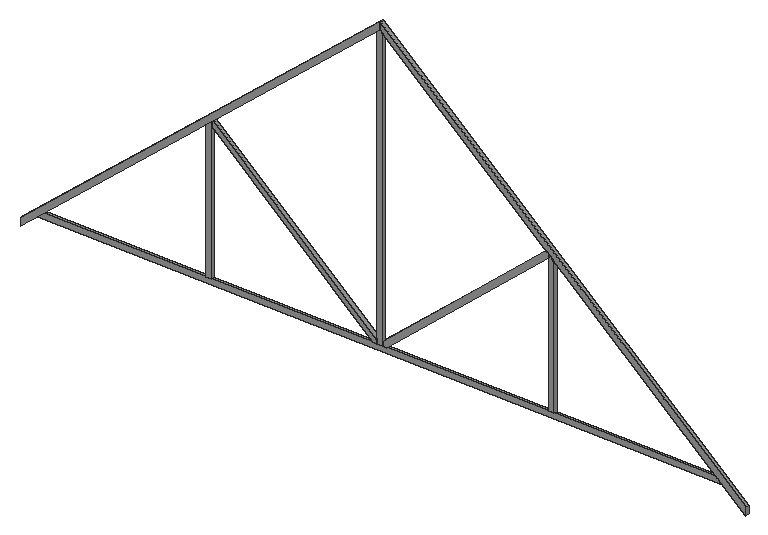
Revit family "HoweTruss", category Structural Framing, Revit 2022
Family settings
  Section Shape = Not Defined
  Material for Model Behavior = Wood
  Always export as geometry = No
  OmniClass Number = 23.25.30.21.14
  OmniClass Title = Trussed Beams and Joists
  Work Plane-Based = No
  Always vertical = Yes
  Cut with Voids When Loaded = No
  Symbolic Representation = From Family
  Shared = No
  Show family pre-cut in plan views = Yes
Parameters
  WebWidth [instance] = 50 mm
  WebDepth [instance] = 100 mm
  T_Volume [instance] = 0.00 m³
  TopWidth [instance] = 50 mm
  Structural Material [instance] = Poche
  SpanRight [instance] = 6000 mm
  SpanLeft [instance] = 6000 mm
  Span [instance] = SpanLeft + SpanRight  # 12000 mm
  SlopeRight [instance] = 40.00°
  SlopeLeft [instance] = 40.00°
  OverhangRight [instance] = 300 mm
  OverhangLeft [instance] = 400 mm
  TopDepth [instance] = 100 mm
  BottomWidth [instance] = 50 mm
  BottomDepth [instance] = 100 mm
Reference planes
  plane 1 "Center (Front/Back)": y = 0
  plane 2: z = 0
  plane 3 "Center (Left/Right)": x = 0
  plane 4: x = -6000
  plane 5: x = 6000
  plane 6: x = 6400
  plane 7: x = -6300
  plane 8: z = 100
  plane 9: x = -3000
  plane 10: x = -50
  plane 11: x = 50
  plane 12: x = 3000
  plane 13: x = 2950
  plane 14: x = 3050
  plane 15: x = -3050
  plane 16: x = -2950
Forms (mm)
  Extrusion 1, solid, material "Cherry"
    sketch origin (0, 0, 0) x (1, 0, 0) y (0, 0, 1)
      loop
        line (6400, -335.64) -> (6400, -205.099) -> (0, 5165.139) -> (0, 5034.598) -> (6400, -335.64)
    from -40 to 25
  Extrusion 2, solid, material "Cherry"
    sketch origin (0, 0, 0) x (1, 0, 0) y (0, 0, 1)
      loop
        line (-6300, -121.189) -> (-6300, -251.73) -> (0, 5034.598) -> (0, 5165.139) -> (-6300, -121.189)
    from -40 to 25
  Extrusion 3, solid, material "Cherry"
    sketch origin (0, 0, 0) x (1, 0, 0) y (0, 0, 1)
      loop
        line (-6000, 0) -> (6000, 0) -> (5880.825, 100) -> (-5880.825, 100) -> (-6000, 0)
    from -25 to 25
  Extrusion 4, solid, material "Cherry"
    sketch origin (0, 0, 0) x (1, 0, 0) y (0, 0, 1)
      loop
        line (127.307, 100) -> (2950, 2493.696) -> (2950, 2559.254) -> (2911.142, 2591.86) -> (50, 165.558) -> (50, 100) -> (127.307, 100)
    from -25 to 25
  Extrusion 5, solid, material "Cherry"
    sketch origin (0, 0, 0) x (1, 0, 0) y (0, 0, 1)
      loop
        line (-50, 165.558) -> (-2911.142, 2591.86) -> (-2950, 2559.254) -> (-2950, 2493.696) -> (-127.307, 100) -> (-50, 100) -> (-50, 165.558)
    from -25 to 25
  Extrusion 6, solid, material "Cherry"
    sketch origin (0, 0, 0) x (1, 0, 0) y (0, 0, 1)
      loop
        line (3050, 2475.344) -> (2950, 2559.254) -> (2950, 100) -> (3050, 100) -> (3050, 2475.344)
    from -25 to 25
  Extrusion 7, solid, material "Cherry"
    sketch origin (0, 0, 0) x (1, 0, 0) y (0, 0, 1)
      loop
        line (-2950, 2559.254) -> (-3050, 2475.344) -> (-3050, 100) -> (-2950, 100) -> (-2950, 2559.254)
    from -25 to 25
  Extrusion 8, solid, material "Cherry"
    sketch origin (0, 0, 0) x (1, 0, 0) y (0, 0, 1)
      loop
        line (50, 4992.643) -> (0, 5034.598) -> (-50, 4992.643) -> (-50, 100) -> (50, 100) -> (50, 4992.643)
    from -25 to 25
Lines and regions (mm)
  reference lines
    curve 1: line (6000, 0, 0) -> (0, 0, 5034.598)
    curve 2: line (-6000, 0, 0) -> (0, 0, 5034.598)
    curve 3: line (6001.738, 0, 129.083) -> (-8.024, 0, 5171.871)
    curve 4: line (-5999.444, 0, 131.007) -> (-84.65, 0, 5094.109)
    curve 5: line (0, 25, 1939.254) -> (0, 25, -520.746)
    curve 6: line (0, -25, 1939.254) -> (0, -25, -520.746)
    curve 7: line (0, -25, 1939.254) -> (0, -25, -520.746)
    curve 8: line (0, -25, 1939.254) -> (0, -25, -520.746)
    curve 9: line (0, 25, 1939.254) -> (0, 25, -520.746)
    curve 10: line (0, 25, 1939.254) -> (0, 25, -520.746)
    curve 11: line (50, 0, 100) -> (2950, 0, 2559.254)
    curve 12: line (-50, 0, 100) -> (-2950, 0, 2559.254)
    curve 13: line (-28.171, 0, 99.267) -> (2911.142, 0, 2591.86)
    curve 14: line (50.725, 0, 35.057) -> (2988.858, 0, 2526.648)
    curve 15: line (28.171, 0, 99.267) -> (-2911.142, 0, 2591.86)
    curve 16: line (-50.725, 0, 35.057) -> (-2988.858, 0, 2526.648)
Dimensions and locks
  "SpanLeft": plane 3 "Center (Left/Right)" to plane 5
  "SpanRight": plane 3 "Center (Left/Right)" to plane 4
  "OverhangLeft": plane 5 to plane 6
  "OverhangRight": plane 7 to plane 4
  "BottomDepth": level to plane 8
  "TopDepth": curve 1 to curve 3
  "TopDepth": curve 4 to curve 2
  equal spacing: curve 5, curve 4, curve 6
  "TopWidth": curve 5 to curve 6
  equal spacing: curve 9, curve 4, curve 7
  "WebWidth": curve 9 to curve 7
  equal spacing: curve 10, curve 4, curve 8
  "BottomWidth": curve 10 to curve 8
  equal spacing: plane 11, plane 3 "Center (Left/Right)", plane 10
  "WebDepth": plane 11 to plane 10
  equal spacing: plane 5, plane 12, plane 3 "Center (Left/Right)"
  equal spacing: plane 3 "Center (Left/Right)", plane 9, plane 4
  equal spacing: plane 14, plane 12, plane 13
  "WebDepth": plane 14 to plane 13
  equal spacing: plane 16, plane 9, plane 15
  "WebDepth": plane 16 to plane 15
  equal spacing: curve 14, curve 11, curve 13
  "WebDepth": curve 14 to curve 13
  equal spacing: curve 15, curve 12, curve 16
  "WebDepth": curve 15 to curve 16
  "SlopeLeft": angle level to curve 1
  "SlopeRight": angle curve 2 to level
  aligned and locked: plane 2 to level
  aligned and locked: plane 3 "Center (Left/Right)" to curve 1
  aligned and locked: plane 5 to curve 1
  aligned and locked: curve 1 to level
  aligned and locked: level to curve 2
  aligned and locked: Extrusion 1 sketch curve to curve 1
  aligned and locked: Extrusion 1 sketch curve to curve 3
  aligned and locked: Extrusion 1 sketch curve to plane 3 "Center (Left/Right)"
  aligned and locked: Extrusion 1 sketch curve to plane 6
  aligned and locked: Extrusion 1 to curve 6
  aligned and locked: Extrusion 2 sketch curve to curve 4
  aligned and locked: Extrusion 2 sketch curve to curve 2
  aligned and locked: plane 7 to Extrusion 2 sketch curve
  aligned and locked: Extrusion 2 sketch curve to plane 3 "Center (Left/Right)"
  aligned and locked: Extrusion 2 to Extrusion 1
  aligned and locked: Extrusion 1 to Extrusion 2
  aligned and locked: Extrusion 3 sketch curve to level
  aligned and locked: Extrusion 3 sketch curve to plane 8
  aligned and locked: Extrusion 1 to Extrusion 3 sketch curve
  aligned and locked: Extrusion 2 to Extrusion 3 sketch curve
  aligned and locked: curve 10 to Extrusion 3
  aligned and locked: Extrusion 3 to curve 8
  aligned and locked: curve 14 to Extrusion 4 sketch curve
  aligned and locked: curve 13 to Extrusion 4 sketch curve
  aligned and locked: Extrusion 4 sketch curve to plane 13
  aligned and locked: Extrusion 1 to Extrusion 4 sketch curve
  aligned and locked: plane 11 to Extrusion 4 sketch curve
  aligned and locked: Extrusion 3 to Extrusion 4 sketch curve
  aligned and locked: curve 15 to Extrusion 5 sketch curve
  aligned and locked: curve 16 to Extrusion 5 sketch curve
  aligned and locked: Extrusion 2 to Extrusion 5 sketch curve
  aligned and locked: Extrusion 5 sketch curve to plane 10
  aligned and locked: Extrusion 3 to Extrusion 5 sketch curve
  aligned and locked: plane 16 to Extrusion 5 sketch curve
  aligned and locked: plane 14 to Extrusion 6 sketch curve
  aligned and locked: Extrusion 6 sketch curve to plane 13
  aligned and locked: Extrusion 1 to Extrusion 6 sketch curve
  aligned and locked: Extrusion 3 to Extrusion 6 sketch curve
  aligned and locked: plane 16 to Extrusion 7 sketch curve
  aligned and locked: Extrusion 7 sketch curve to plane 15
  aligned and locked: Extrusion 2 to Extrusion 7 sketch curve
  aligned and locked: Extrusion 3 to Extrusion 7 sketch curve
  aligned and locked: plane 11 to Extrusion 8 sketch curve
  aligned and locked: Extrusion 8 sketch curve to plane 10
  aligned and locked: Extrusion 3 to Extrusion 8 sketch curve
  aligned and locked: Extrusion 8 sketch curve to Extrusion 1
  aligned and locked: Extrusion 2 to Extrusion 8 sketch curve
  aligned and locked: Extrusion 7 to curve 9
  aligned and locked: Extrusion 7 to curve 7
  aligned and locked: Extrusion 5 to curve 9
  aligned and locked: Extrusion 5 to curve 7
  aligned and locked: Extrusion 4 to curve 9
  aligned and locked: Extrusion 4 to curve 7
  aligned and locked: Extrusion 6 to curve 9
  aligned and locked: Extrusion 6 to curve 7
  aligned and locked: Extrusion 8 to curve 9
  aligned and locked: Extrusion 8 to curve 7
Automatic sketch dimensions
  plane 16 to curve 12 = 0 mm
  curve 12 to plane 8 = 0 mm
  curve 12 to plane 10 = 0 mm
  curve 11 to plane 8 = 0 mm
  plane 11 to curve 11 = 0 mm
  curve 11 to plane 13 = 0 mm
  curve 4 to plane 4 = 0.556 mm
  curve 4 to plane 10 = 34.65 mm
  curve 16 to plane 10 = 0.725 mm
  curve 13 to plane 8 = 0.733 mm
  curve 3 to plane 3 "Center (Left/Right)" = 8.024 mm
  curve 15 to plane 8 = 0.733 mm
  curve 14 to plane 11 = 0.725 mm
  curve 3 to plane 5 = 1.738 mm
  curve 10 to level = 520.746 mm
  curve 5 to curve 10 = 0 mm
  curve 8 to curve 5 = 0 mm
  curve 6 to curve 5 = 0 mm  (x2)
  curve 8 to curve 7 = 0 mm  (x2)
  curve 9 to curve 10 = 0 mm  (x2)
  plane 8 to curve 6 = 1839.254 mm
  curve 6 to curve 9 = 0 mm
  curve 8 to curve 6 = 0 mm
